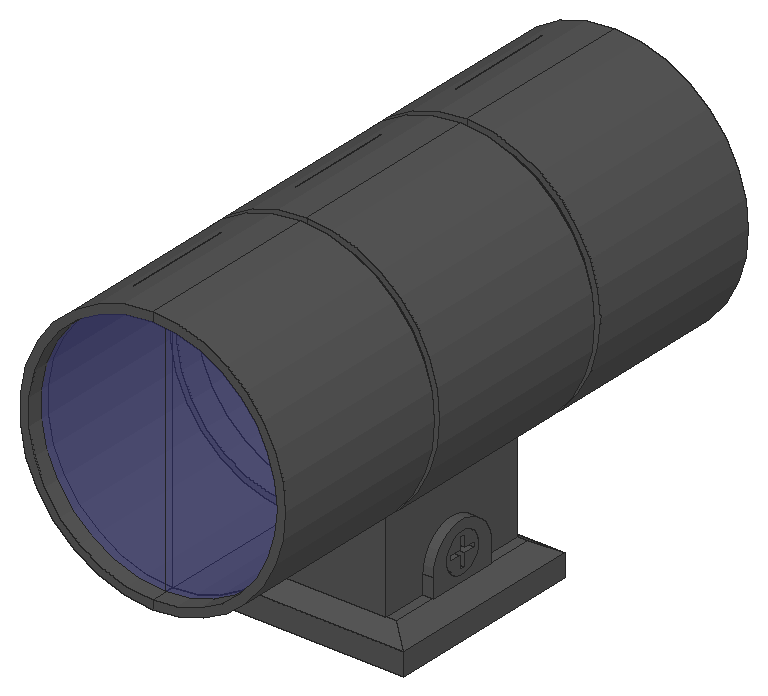
Revit family "CARLO CYLINDER LIGHT WALL MOUNT", category Lighting Fixtures, host Face, Revit 2020 (continued)
Types (10): name | Wattage_Input | Wattage Comments | Wattage | Photometric Web File | built-in parameter 1150142 | Model | built-in parameter 1150105 | Lumens | Light Length 1 | LIGHT RADIUS | LIGHT PLACEMENT | LIGHT LENGTH | LIGHT DIA | built-in parameter 1150106 | FIXED END HEIGHT | Curve base Height | Base Curve | BEAMING ANGLE | Apparent Load
    1 2.2644 2.24 2.2199 2.1801 \r\n 2.1383 2.1072 2.0777 2.0526 2.0097 1.9142 1.8075 1.729 1.6494 1.5452 \r\n 1.438 1.3451 1.2558 1.1647 1.0726 0.97705 0.88414 0.80144 0.72207 0.63835 \r\n 0.5602 0.49791 0.4427 0.3892 0.33756 0.28464 0.23497 0.19333 0.15585 0.11925 \r\n 0.086557 0.060369 0.038653 0.019219 0.0051357 0.00049633 0.000041 0 0 0 \r\n 0 0 0 0 0 0 0 0.0066155 0.019044 0.038807 \r\n 0.065547 0.10095 0.14041 0.1781 0.21931 0.26911 0.32231 0.37484 0.42843 0.47941 \r\n 0.53989 0.62769 0.72192 0.80346 0.88471 0.97329 1.0644 1.1547 1.2471 1.3456 \r\n 1.4438 1.5361 1.6238 1.7036 1.785 1.8881 1.9778 2.0122 2.0314 2.0651 \r\n 2.1024 2.1462 2.1849 2.1967 2.215 2.2752 2.3495 2.4168 2.4921 2.5832 \r\n 2.6893 2.8176 2.9508 3.0661 3.1871 3.3347 3.4939 3.6562 3.8227 3.9882 \r\n 4.1634 4.3627 4.5699 4.7693 4.9734 5.19 5.4178 5.6599 5.912 6.1684 \r\n 6.4355 6.7194 7.0144 7.3143 7.6264 7.9526 8.3037 8.6929 9.1148 9.5622 \r\n 10.053 10.606 11.211 11.839 12.558 13.444 14.446 15.518 16.723 18.092 \r\n 19.683 21.536 23.746 26.363 29.563 33.084 38.293 46.426 57.609 73.148 \r\n 90.727 108.05 126.36 146.57 167.38 187.89 207.69 226.1 243 257.9 \r\n 271.2 282.9 293.72 304.41 314.85 325.06 335.43 346.57 357.97 369.16 \r\n 380.56 392.79 404.69 415.05 424.72 434.15 443.42 452.57 462.05 472.31 \r\n 483.34 495.38 508.18 521.58 535.52 549.83 564.57 579.74 595.3 611.27 \r\n 627.56 644.21 660.86 677.07 693.22 709.57 725.96 742.47 758.62 773.99 \r\n 788.6 802.22 815.29 828.26 840.83 852.74 864.24 875.76 886.55 895.75 \r\n 904.18 912.58 920.29 926.58 932.36 938.4 944.45 950.61 956.6 962.17 \r\n 967.28 971.61 975.76 980.36 984.99 989.26 993.69 998.95 1004.1 1008.5 \r\n 1011.9 \r\n1006.9 1008.5 1004.3 998.98 993.62 989.53 985.67 981.27 976.76 972.5 \r\n 967.98 962.67 956.9 950.76 944.43 938.14 931.88 925.99 919.71 912.19 \r\n 904 895.6 886.43 875.91 864.62 852.98 840.86 828.21 815.21 802.2 \r\n 788.65 774.16 758.8 742.22 725.28 708.88 692.55 676.13 659.65 642.96 \r\n 626.36 610.14 594.18 578.41 562.98 548.01 533.5 519.45 506.03 493.45 \r\n 481.6 470.38 460 451.04 442.31 432.51 422.51 413.17 403.24 391.09 \r\n 378.75 368.16 357.9 346.78 336.06 327.06 318.38 308.77 299.11 290.58 \r\n 281.04 268.69 253.64 234.59 213.94 194.33 173.79 149.96 126.71 108.22 \r\n 91.186 72.502 55.82 44.377 36.305 31.219 27.896 24.902 22.481 20.399 \r\n 18.657 17.204 15.964 14.839 13.838 12.933 12.138 11.474 10.887 10.327 \r\n 9.8147 9.359 8.9426 8.5486 8.1838 7.8546 7.5455 7.2428 6.9481 6.6562 \r\n 6.3748 6.1125 5.8612 5.6137 5.3762 5.1543 4.9429 4.7401 4.5419 4.3393 \r\n 4.1452 3.9747 3.8128 3.6463 3.4843 3.3301 3.1874 3.0666 2.9504 2.8171 \r\n 2.6903 2.591 2.5052 2.4251 2.3526 2.2827 2.2281 2.2105 2.199 2.1635 \r\n 2.1235 2.09 2.0593 2.0428 2.0072 1.9042 1.7892 1.7134 1.6403 1.5459 \r\n 1.4446 1.343 1.2443 1.157 1.0716 0.97953 0.88744 0.79998 0.715 0.62908 \r\n 0.55061 0.49072 0.43785 0.38294 0.32962 0.27763 0.22963 0.18967 0.15319 0.11534 \r\n 0.081006 0.05432 0.032625 0.0135 0.00037568 0 0 0 0 0 \r\n 0 0 0 0 0 0 0.00037568 0.0135 0.032625 0.05432 \r\n 0.081006 0.11534 0.15319 0.18967 0.22963 0.27763 0.32962 0.38294 0.43785 0.49072 \r\n 0.55061 0.62908 0.715 0.79998 0.88744 0.97953 1.0716 1.157 1.2443 1.343 \r\n 1.4446 1.5459 1.6403 1.7134 1.7892 1.9042 2.0072 2.0428 2.0593 2.09 \r\n 2.1235 2.1635 2.199 2.2105 2.2281 2.2827 2.3526 2.4251 2.5052 2.591 \r\n 2.6903 2.8171 2.9504 3.0666 3.1874 3.3301 3.4843 3.6463 3.8128 3.9747 \r\n 4.1452 4.3393 4.5419 4.7401 4.9429 5.1543 5.3762 5.6137 5.8612 6.1125 \r\n 6.3748 6.6562 6.9481 7.2428 7.5455 7.8546 8.1838 8.5486 8.9426 9.359 \r\n 9.8147 10.327 10.887 11.474 12.138 12.933 13.838 14.839 15.964 17.204 \r\n 18.657 20.399 22.481 24.902 27.896 31.219 36.305 44.377 55.82 72.502 \r\n 91.186 108.22 126.71 149.96 173.79 194.33 213.94 234.59 253.64 268.69 \r\n 281.04 290.58 299.11 308.77 318.38 327.06 336.06 346.78 357.9 368.16 \r\n 378.75 391.09 403.24 413.17 422.51 432.51 442.31 451.04 460 470.38 \r\n 481.6 493.45 506.03 519.45 533.5 548.01 562.98 578.41 594.18 610.14 \r\n 626.36 642.96 659.65 676.13 692.55 708.88 725.28 742.22 758.8 774.16 \r\n 788.65 802.2 815.21 828.21 840.86 852.98 864.62 875.91 886.43 895.6 \r\n 904 912.19 919.71 925.99 931.88 938.14 944.43 950.76 956.9 962.67 \r\n 967.98 972.5 976.76 981.27 985.67 989.53 993.62 998.98 1004.3 1008.5 \r\n 1011.9 \r\n1006.9 1008.5 1004.1 998.95 993.69 989.26 984.99 980.36 975.76 971.61 \r\n 967.28 962.17 956.6 950.61 944.45 938.4 932.36 926.58 920.29 912.58 \r\n 904.18 895.75 886.55 875.76 864.24 852.74 840.83 828.26 815.29 802.22 \r\n 788.6 773.99 758.63 742.47 725.96 709.57 693.22 677.07 660.86 644.21 \r\n 627.56 611.27 595.3 579.74 564.57 549.83 535.52 521.58 508.18 495.38 \r\n 483.34 472.31 462.05 452.57 443.42 434.15 424.72 415.05 404.69 392.79 \r\n 380.56 369.16 357.97 346.57 335.43 325.06 314.85 304.41 293.72 282.9 \r\n 271.2 257.9 243 226.1 207.69 187.89 167.38 146.57 126.36 108.05 \r\n 90.727 73.148 57.609 46.426 38.293 33.084 29.563 26.363 23.746 21.536 \r\n 19.683 18.092 16.723 15.518 14.446 13.444 12.558 11.839 11.211 10.606 \r\n 10.053 9.5622 9.1148 8.6929 8.3037 7.9526 7.6264 7.3143 7.0144 6.7194 \r\n 6.4355 6.1684 5.912 5.6599 5.4178 5.19 4.9734 4.7693 4.5699 4.3627 \r\n 4.1634 3.9882 3.8227 3.6562 3.4939 3.3347 3.1871 3.0661 2.9508 2.8176 \r\n 2.6893 2.5832 2.4921 2.4168 2.3495 2.2752 2.215 2.1967 2.1849 2.1462 \r\n 2.1024 2.0651 2.0314 2.0122 1.9778 1.8881 1.785 1.7036 1.6238 1.5361 \r\n 1.4438 1.3456 1.2471 1.1547 1.0644 0.97329 0.88471 0.80346 0.72192 0.62769 \r\n 0.53989 0.47941 0.42843 0.37484 0.32231 0.26911 0.21931 0.1781 0.14041 0.10095 \r\n 0.065547 0.038807 0.019044 0.0066155 0 0 0 0 0 0 \r\n 0 0 0 0 0.000041 0.00049633 0.0051357 0.019219 0.038653 0.060369 \r\n 0.086557 0.11925 0.15585 0.19333 0.23497 0.28464 0.33756 0.3892 0.4427 0.49791 \r\n 0.5602 0.63835 0.72207 0.80144 0.88414 0.97705 1.0726 1.1647 1.2558 1.3451 \r\n 1.438 1.5452 1.6494 1.729 1.8075 1.9142 2.0097 2.0526 2.0777 2.1072 \r\n 2.1383 2.1801 2.2199 2.24 2.2644 2.3161 2.3808 2.4508 2.5296 2.6167 \r\n 2.7168 2.8397 2.9697 3.0888 3.2138 3.3597 3.515 3.6728 3.8352 3.9996 \r\n 4.1736 4.3682 4.57 4.7655 4.9658 5.1774 5.4004 5.6383 5.8867 6.1404 \r\n 6.4046 6.685 6.9754 7.2703 7.5736 7.8825 8.2119 8.5769 8.9742 9.4048 \r\n 9.871 10.37 10.918 11.523 12.205 12.981 13.863 14.87 16.009 17.268 \r\n 18.725 20.408 22.455 24.973 28.091 31.432 36.625 45.097 57.085 74.417 \r\n 93.75 111.29 130.21 153.73 177.96 199.54 220.18 241.36 260.54 275.06 \r\n 286.72 295.93 304.12 313.17 322.11 330.23 338.72 348.99 359.75 369.97 \r\n 380.42 391.99 403.38 413.16 422.58 432.58 442.6 452.08 461.92 472.95 \r\n 484.75 497.19 510.21 523.72 537.7 552.11 566.98 582.35 598.14 614.28 \r\n 630.69 647.32 663.97 680.37 696.67 712.91 729.13 745.58 761.68 776.88 \r\n 791.38 805.17 818.35 831.02 843.19 854.93 866.21 877.1 887.36 896.71 \r\n 905.29 913.18 920.3 926.36 932.11 938.32 944.65 951.1 957.33 962.92 \r\n 968.11 972.95 977.52 981.89 986.08 989.95 994.05 999.33 1004.5 1008.6 \r\n 1011.9 \r\n1006.9 1008.4 1004 998.85 993.64 988.93 984.33 979.54 974.88 970.79 \r\n 966.58 961.64 956.24 950.4 944.38 938.55 932.69 926.98 920.68 912.84 \r\n 904.3 895.85 886.63 875.67 864.02 852.61 840.85 828.34 815.39 802.29 \r\n 788.63 773.95 758.62 742.82 726.69 710.36 694.03 678.11 662.12 645.53 \r\n 628.89 612.55 596.57 581.16 566.19 551.6 537.4 523.53 510.09 497.08 \r\n 484.83 473.9 463.69 453.75 444.21 435.33 426.3 416.34 405.64 393.97 \r\n 381.89 369.9 358.02 346.49 335.11 323.74 312.45 301.47 290.11 277.66 \r\n 264.41 250.47 235.75 220.51 203.77 183.78 163.21 144.63 126.63 108.36 \r\n 90.715 73.864 59.08 47.977 39.705 34.382 30.718 27.366 24.61 22.315 \r\n 20.39 18.702 17.244 15.984 14.865 13.795 12.845 12.088 11.431 10.796 \r\n 10.215 9.6997 9.2302 8.7885 8.3818 8.015 7.6766 7.358 7.0549 6.7585 \r\n 6.4736 6.2039 5.9444 5.6893 5.4439 5.2118 4.9917 4.7872 4.5877 4.3775 \r\n 4.1745 3.9958 3.8278 3.6618 3.4998 3.3368 3.1854 3.0644 2.9499 2.817 \r\n 2.6878 2.5767 2.4816 2.4104 2.3473 2.2698 2.2052 2.1864 2.1742 2.1329 \r\n 2.086 2.0463 2.0107 1.9892 1.9554 1.876 1.7821 1.6968 1.6113 1.5279 \r\n 1.4419 1.3472 1.2498 1.1539 1.0598 0.96872 0.88212 0.80617 0.72798 0.62748 \r\n 0.5324 0.47128 0.42158 0.36917 0.31739 0.263 0.21158 0.16957 0.13115 0.090455 \r\n 0.054177 0.027386 0.0090804 0.0017216 0 0 0 0 0 0 \r\n 0 0 0 0 0.000073 0.0022282 0.0086953 0.023505 0.04326 0.065292 \r\n 0.091449 0.12313 0.15901 0.19755 0.2408 0.29209 0.34601 0.39637 0.44883 0.50629 \r\n 0.57086 0.6487 0.73061 0.80587 0.88521 0.9792 1.0776 1.174 1.2672 1.3496 \r\n 1.4362 1.5478 1.6588 1.7435 1.8239 1.9234 2.0124 2.061 2.0933 2.1225 \r\n 2.1523 2.1954 2.2387 2.2667 2.2978 2.348 2.4092 2.4779 2.5565 2.6454 \r\n 2.7469 2.8671 2.9949 3.1171 3.2466 3.3954 3.5521 3.7073 3.8673 4.0346 \r\n 4.2122 4.4078 4.6095 4.804 5.0036 5.2165 5.4413 5.6804 5.9302 6.187 \r\n 6.4541 6.735 7.0258 7.323 7.6295 7.9419 8.2754 8.6447 9.0489 9.4952 \r\n 9.975 10.47 11.016 11.645 12.35 13.123 14.003 15.028 16.192 17.482 \r\n 18.963 20.625 22.674 25.289 28.544 31.988 37.375 46.285 58.795 76.625 \r\n 96.436 114.42 133.71 157.34 181.77 204.02 225.35 246.81 266.01 280.2 \r\n 291.44 300.48 308.49 317.14 325.65 333.42 341.59 351.52 362.02 372.17 \r\n 382.47 393.38 404.12 413.77 423.21 433.17 443.3 453.35 463.86 475.38 \r\n 487.62 500.51 513.87 527.46 541.41 555.79 570.61 585.93 601.71 618.01 \r\n 634.58 651.24 667.86 684.2 700.4 716.57 732.64 748.72 764.46 779.52 \r\n 794.02 808 821.32 833.73 845.53 856.94 867.9 878.46 888.48 897.96 \r\n 906.67 914.3 921.11 927.01 932.67 938.84 945.16 951.68 957.96 963.41 \r\n 968.5 973.58 978.38 982.65 986.68 990.54 994.63 999.78 1004.8 1008.7 \r\n 1011.9 \r\n1006.9 1008.3 1003.7 998.67 993.48 988.56 983.71 978.81 974.1 970.03 \r\n 965.9 961.08 955.83 950.11 944.22 938.57 932.87 927.19 920.86 912.96 \r\n 904.35 895.89 886.66 875.63 863.94 852.61 840.94 828.46 815.51 802.4 \r\n 788.73 774.04 758.77 743.28 727.48 711.25 694.99 679.24 663.43 646.94 \r\n 630.36 613.99 597.98 582.68 567.83 553.32 539.15 525.28 511.77 498.54 \r\n 486.08 475.16 464.92 454.57 444.69 436.02 427.25 417.03 406.08 394.63 \r\n 382.73 370.38 358.07 346.52 335.07 323.12 311.17 299.97 288.29 274.84 \r\n 260.65 246.41 231.91 217.82 202.2 182.01 161.3 144.13 127.52 109.15 \r\n 91.15 74.65 60.234 49.029 40.542 35.114 31.362 27.913 25.075 22.735 \r\n 20.776 19.034 17.526 16.238 15.094 13.986 13.001 12.221 11.547 10.896 \r\n 10.301 9.7714 9.2887 8.8353 8.418 8.0418 7.696 7.3738 7.0694 6.7733 \r\n 6.4891 6.219 5.9584 5.7017 5.4543 5.2197 4.9979 4.7941 4.5952 4.3836 \r\n 4.1785 3.9976 3.8279 3.6631 3.502 3.3364 3.1822 3.0614 2.9479 2.8156 \r\n 2.686 2.5715 2.4737 2.4059 2.3462 2.2665 2.1987 2.1794 2.167 2.1236 \r\n 2.0746 2.0337 1.9973 1.9737 1.9399 1.8681 1.7811 1.6923 1.6026 1.5213 \r\n 1.4391 1.3478 1.2525 1.1547 1.0579 0.9658 0.87968 0.80811 0.73319 0.62844 \r\n 0.52816 0.46633 0.41732 0.36593 0.31484 0.2593 0.20644 0.16406 0.12542 0.083853 \r\n 0.046896 0.020079 0.0027348 0 0 0 0 0 0 0 \r\n 0 0 0 0 0.000093 0.0033679 0.011054 0.026357 0.046444 0.069089 \r\n 0.095684 0.12698 0.16268 0.20235 0.24712 0.29999 0.35496 0.40444 0.45624 0.51586 \r\n 0.58259 0.66012 0.74062 0.81329 0.89068 0.98596 1.0865 1.1849 1.2786 1.3565 \r\n 1.4391 1.5533 1.6687 1.7568 1.8384 1.9318 2.0153 2.068 2.1061 2.1359 \r\n 2.1655 2.2096 2.2553 2.2906 2.3283 2.3784 2.4378 2.5064 2.5857 2.6772 \r\n 2.7808 2.8993 3.0259 3.1517 3.2856 3.4373 3.5956 3.7497 3.9091 4.0797 \r\n 4.2611 4.4581 4.6605 4.8558 5.0564 5.2716 5.499 5.7399 5.9918 6.2523 \r\n 6.5231 6.8061 7.0994 7.4009 7.7131 8.0326 8.3744 8.7519 9.1668 9.6302 \r\n 10.127 10.627 11.182 11.838 12.573 13.362 14.258 15.31 16.51 17.846 \r\n 19.371 21.051 23.138 25.85 29.254 32.887 38.556 47.941 60.95 79.124 \r\n 99.244 117.62 137.2 160.81 185.2 207.77 229.43 250.94 270.06 284.11 \r\n 295.21 304.23 312.21 320.69 329 336.63 344.67 354.4 364.69 374.77 \r\n 384.91 395.27 405.47 414.97 424.4 434.26 444.43 454.85 465.82 477.67 \r\n 490.2 503.4 517.02 530.68 544.64 559.03 573.85 589.14 604.91 621.34 \r\n 638.05 654.74 671.34 687.62 703.75 719.85 735.81 751.64 767.13 782.09 \r\n 796.57 810.69 824.1 836.33 847.86 859.01 869.71 879.98 889.81 899.35 \r\n 908.13 915.56 922.13 927.94 933.56 939.69 945.98 952.52 958.79 964.14 \r\n 969.16 974.4 979.35 983.55 987.46 991.31 995.36 1000.3 1005.1 1008.8 \r\n 1011.9 \r\n1006.9 1008.2 1003.5 998.41 993.21 988.13 983.12 978.17 973.44 969.35 \r\n 965.23 960.49 955.36 949.74 943.97 938.47 932.88 927.2 920.84 912.94 \r\n 904.33 895.87 886.65 875.66 864.01 852.72 841.08 828.6 815.65 802.55 \r\n 788.92 774.26 759.09 743.85 728.31 712.24 696.09 680.47 664.78 648.43 \r\n 631.95 615.57 599.54 584.29 569.5 554.98 540.77 526.84 513.23 499.77 \r\n 487.09 476.08 465.73 455.04 444.86 436.25 427.56 417.14 406.02 394.77 \r\n 383.08 370.58 358.1 346.68 335.34 323.18 311.03 299.89 288.26 274.45 \r\n 259.94 245.72 231.48 218.03 202.97 182.56 161.65 145.07 129.03 110.43 \r\n 92.034 75.507 61.071 49.583 40.803 35.279 31.494 28.003 25.139 22.797 \r\n 20.841 19.089 17.57 16.279 15.133 14.018 13.025 12.238 11.559 10.907 \r\n 10.31 9.7772 9.2904 8.8332 8.4124 8.0328 7.6846 7.3618 7.058 6.7638 \r\n 6.482 6.2137 5.9542 5.6972 5.4491 5.2139 4.9919 4.7898 4.5926 4.3811 \r\n 4.1755 3.9934 3.8232 3.66 3.5005 3.3334 3.1775 3.0573 2.9447 2.8132 \r\n 2.6838 2.5675 2.4685 2.4033 2.3461 2.2652 2.1955 2.1759 2.1632 2.1184 \r\n 2.068 2.0273 1.991 1.9658 1.9313 1.8645 1.7809 1.6901 1.5978 1.5163 \r\n 1.4353 1.3473 1.2552 1.1571 1.0588 0.96454 0.87737 0.80927 0.73754 0.63058 \r\n 0.52715 0.46456 0.41564 0.36511 0.31467 0.25801 0.20389 0.16159 0.12321 0.081147 \r\n 0.043703 0.016886 0.000007 0 0 0 0 0 0 0 \r\n 0 0 0 0 0.00010363 0.0039153 0.012213 0.027776 0.048207 0.071759 \r\n 0.09926 0.1308 0.16685 0.20771 0.25393 0.30833 0.36441 0.41342 0.46493 0.52664 \r\n 0.59538 0.67262 0.7521 0.82368 0.90053 0.99735 1.0994 1.1975 1.2898 1.3657 \r\n 1.4468 1.5619 1.679 1.769 1.8509 1.9394 2.0185 2.0738 2.1159 2.1474 \r\n 2.1781 2.2225 2.2698 2.3117 2.3559 2.4072 2.4666 2.5363 2.6172 2.712 \r\n 2.8184 2.9363 3.0627 3.1925 3.3311 3.4854 3.6455 3.8001 3.9605 4.1349 \r\n 4.3203 4.5191 4.723 4.9206 5.1241 5.3427 5.5734 5.8167 6.0715 6.3363 \r\n 6.6118 6.8984 7.196 7.504 7.8245 8.1547 8.5087 8.8986 9.3278 9.8098 \r\n 10.326 10.842 11.415 12.103 12.874 13.695 14.626 15.719 16.965 18.359 \r\n 19.948 21.686 23.847 26.656 30.221 34.131 40.166 50.066 63.551 81.917 \r\n 102.17 120.88 140.69 164.12 188.26 210.8 232.43 253.74 272.69 286.78 \r\n 298.01 307.18 315.3 323.82 332.15 339.86 347.95 357.6 367.78 377.76 \r\n 387.72 397.65 407.42 416.77 426.14 435.86 445.97 456.57 467.79 479.8 \r\n 492.48 505.87 519.64 533.38 547.39 561.85 576.71 591.97 607.73 624.26 \r\n 641.08 657.8 674.39 690.64 706.71 722.76 738.65 754.34 769.7 784.58 \r\n 799.03 813.23 826.7 838.83 850.18 861.14 871.63 881.68 891.33 900.89 \r\n 909.68 916.95 923.35 929.15 934.79 940.86 947.1 953.6 959.83 965.1 \r\n 970.07 975.39 980.42 984.59 988.44 992.25 996.22 1001 1005.5 1009 \r\n 1011.9 \r\n1006.9 1007.9 1003.1 997.96 992.66 987.53 982.51 977.6 972.91 968.71 \r\n 964.5 959.79 954.73 949.17 943.47 938.06 932.54 926.81 920.4 912.59 \r\n 904.08 895.62 886.43 875.66 864.21 852.9 841.17 828.63 815.64 802.58 \r\n 789.01 774.46 759.43 744.34 728.98 713.13 697.17 681.59 665.92 649.79 \r\n 633.5 617.14 601.07 585.79 570.92 556.25 541.86 527.76 513.96 500.25 \r\n 487.3 476.05 465.47 454.52 444.09 435.3 426.46 415.91 404.76 393.73 \r\n 382.35 370.09 357.89 346.85 335.96 324.29 312.67 302.15 291.17 278.07 \r\n 264.2 250.49 236.53 222.95 207.57 186.87 165.5 148.12 131.25 112.15 \r\n 93.299 76.118 61.032 48.995 39.848 34.338 30.699 27.279 24.485 22.219 \r\n 20.337 18.652 17.191 15.942 14.833 13.764 12.811 12.046 11.384 10.756 \r\n 10.181 9.663 9.1878 8.7408 8.3287 7.9562 7.6139 7.2953 6.9954 6.7064 \r\n 6.4303 6.1681 5.9138 5.6589 5.412 5.1793 4.9603 4.7621 4.5689 4.3601 \r\n 4.1565 3.9756 3.8066 3.6465 3.4899 3.3231 3.1673 3.0484 2.9375 2.807 \r\n 2.6786 2.5637 2.4662 2.403 2.3476 2.2672 2.1978 2.1787 2.1663 2.1207 \r\n 2.0699 2.0319 1.998 1.9712 1.9343 1.8657 1.782 1.6909 1.5975 1.511 \r\n 1.4262 1.3427 1.2565 1.1611 1.0632 0.96462 0.8735 0.80811 0.74016 0.63378 \r\n 0.52997 0.46671 0.41729 0.36757 0.31784 0.26015 0.2051 0.16393 0.12684 0.084615 \r\n 0.046756 0.020272 0.0034329 0 0.00050472 0.000072 0.000005 0 0 0 \r\n 0 0 0 0 0 0.0030214 0.01054 0.025824 0.046518 0.071268 \r\n 0.10034 0.133
